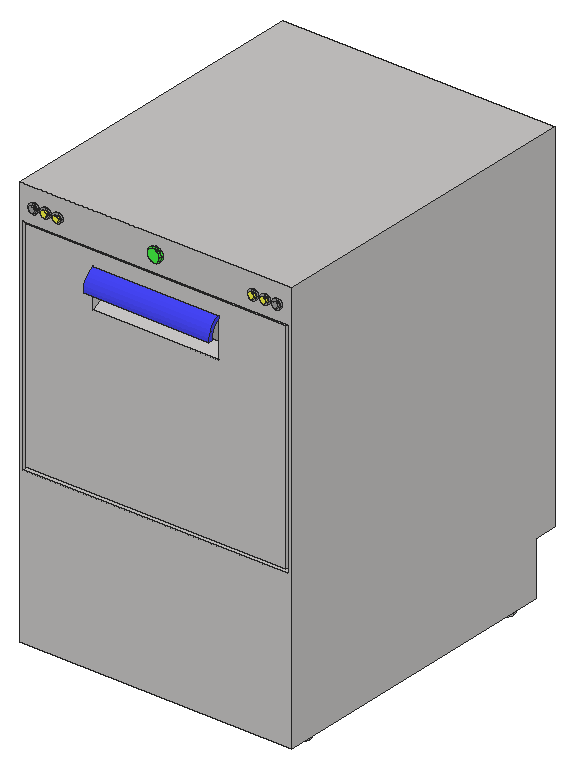
Revit family "QF_ElectroluxProfessional_402289_ESP", category Specialty Equipment, Revit 2018
Family settings
  Round Connector Dimension = Use Diameter
  Part Type = Normal
  Work Plane-Based = No
  Always vertical = Yes
  Cut with Voids When Loaded = No
  Shared = No
  Room Calculation Point = No
Parameters (values of type "Standard")
  Weight = 37.50 kg
  Watts = 0 W
  Volts = 220 V
  URL Manufacturer = "http://professional.electrolux.com"
  URL = "http://professional.electrolux.com"
  Steam Supply Size = 0 mm
  Steam Supply Minimum Pressure = 0.0 Pa
  Steam Supply Maximum Pressure = 0.0 Pa
  Steam Pounds per Hour = 0
  Show Logo [instance] = yes
  Show Clearance [instance] = yes
  Refrigeration Suction Line Size = 0 mm
  Refrigeration Liquid Line Size = 0 mm
  Refrigerant Compressor Remote = yes
  Manufacturer = "Electrolux Professional"
  Phase = 1
  Model = "ESP"
  Length Actual = 455 mm  # constant formula
  Item Number = "402289"
  Hot Water Size = 0 mm
  Height Actual = 700 mm  # constant formula
  HP = "3.6 HP"
  Gas Size = 0 mm
  Gas KW = 0
  Gas Input Pressure = 0 W
  Direct Waste Size = 29 mm
  Description = "GLASSWASHER(S), SINGLE SKIN, DRAIN PUMP, 30B/H"
  Depth Actual = 550 mm  # constant formula
  Cycle = 50 Hz
  Condensate Return Size = 0 mm
  Compressed Air Volume = 0.0 L/s
  Compressed Air Size = 0 mm
  Compressed Air Pressure = 0.0 Pa
  Cold Water Size = 19.05 mm
  Accessory = yes
Types (2, lengths in mm): name | URL | Manufacturer | Phase | Model | Description | Cold Water Size
  (no name) | "http://professional.electrolux.com/" | 0 | 0 | 0 | 0 | 0
  Standard | "http://professional.electrolux.com" | "Electrolux Professional" | 1 | "ESP" | "GLASSWASHER(S), SINGLE SKIN, DRAIN PUMP, 30B/H" | 19.05
Values of the unnamed type that differ from the named types
  Volts = 0 V
  URL Manufacturer = ""
  Item Number = ""
  Cycle = 0 Hz
Reference planes
  plane 1 "Center (Front/Back)": y = 0
  plane 2: z = 0
  plane 3 "Center (Left/Right)": x = 0
  plane 4 "LEFT": x = -227.5
  plane 5 "RIGHT": x = 227.5
  plane 6 "FRONT": y = -275
  plane 7 "BACK": y = 275
  plane 8: z = 700
  plane 9: z = 10
  plane 10: y = 236
Forms (mm)
  Extrusion 1, solid, material "QF_Finishes_Stainless Steel"
    sketch origin (0, 0, 0) x (1, 0, 0) y (0, 1, 0)
      loop
        line (-227.5, -275) -> (227.5, -275) -> (227.5, 236) -> (-227.5, 236) -> (-227.5, -275)
    from 10 to 700
  Extrusion 2, solid, material "QF_Finishes_Stainless Steel"
    sketch origin (0, 0, 0) x (1, 0, 0) y (0, 1, 0)
      loop
        line (-227.5, 236) -> (227.5, 236) -> (227.5, 275) -> (-227.5, 275) -> (-227.5, 236)
    from 100 to 700
  Extrusion 3, solid, material "QF_Finishes_Stainless Steel"
    sketch origin (0, 0, 0) x (1, 0, 0) y (0, 1, 0)
      loop
        circle (-208, 198) r 12.5
      loop
        circle (208, 198) r 12.5
      loop
        circle (-208, -228) r 12.5
      loop
        circle (208, -228) r 12.5
    from 0 to 10
  Extrusion 4, void
    sketch origin (-227.5, -275, 0) x (-1, 0, 0) y (0, 0, 1)
      loop
        line (-5, 643.217) -> (-450, 643.217) -> (-450, 270) -> (-5, 270) -> (-5, 643.217)
    from 0 to 30
  Extrusion 5, solid, material "QF_Finishes_Stainless Steel"
    sketch origin (-212, -392, 752) x (0, 0, -1) y (1, 0, 0)
      loop
        circle (693, 215.5) r 10
    from -628 to -667
  Extrusion 6, solid, material "QF_Door-Drawer Clearances", visible <- "Show Clearance", detail levels coarse
    sketch origin (-230, -282.5, 0) x (0, 1, 0) y (0, 0, -1)
      loop
        line (7.5, -275) -> (-335.5, -275)
        arc (-335.5, -275) -> (-241.325, -530.164) -> (7.5, -640) r 348.592
        line (7.5, -640) -> (7.5, -275)
    from -11.656 to -447.5
  Extrusion 7, solid, material "QF_Finishes_Stainless Steel"
    sketch origin (-432.481, -392, 722) x (0, 0, -1) y (1, 0, 0)
      loop
        circle (663, 324.981) r 8
    from -628 to -667
  Extrusion 8, solid, material "QF_Finishes_Stainless Steel"
    sketch origin (-230, -282.5, 0) x (0, 1, 0) y (0, 0, -1)
      loop
        line (7.5, -275) -> (7.5, -640) -> (32.5, -640) -> (32.5, -275) -> (7.5, -275)
    from -11.656 to -447.5
  Extrusion 9, solid, material "QF_Finishes_Stainless Steel"
    sketch origin (-268, -392, 682.5) x (0, 0, -1) y (1, 0, 0)
      loop
        circle (663, 230.5) r 8
    from -628 to -667
  Extrusion 10, solid, material "QF_Finishes_Green"
    sketch origin (-230, -275, 0) x (1, 0, 0) y (0, 0, 1)
      loop
        circle (230, 670.819) r 12
      loop
        circle (230, 670.819) r 10
    from 0 to 2.5
  Extrusion 11, void
    sketch origin (-225.452, 209.5, 42.5) x (0, 1, 0) y (0, 0, 1)
      loop
        line (-484.5, 568.217) -> (-484.5, 507.5) -> (-462.849, 520) -> (-484.5, 568.217)
    from 120.452 to 330.452
  Extrusion 12, solid, material "QF_Finishes_Blue"
    sketch origin (-227.5, 236, 0) x (0, -1, 0) y (0, 0, 1)
      loop
        line (511, 615.863) -> (511, 610.513)
        arc (511, 610.513) -> (522.966, 599.801) -> (525.861, 584.005) r 24.803
        line (525.861, 584.005) -> (530.907, 584.005)
        arc (530.907, 584.005) -> (526.605, 603.465) -> (511, 615.863) r 29.803
    from -332.5 to -122.5
  Extrusion 13, solid, material "QF_Finishes_Green"
    sketch origin (234, -275, -28.75) x (-1, 0, 0) y (0, 0, -1)
      loop
        circle (234, -699.569) r 10
    from 0 to 5
  Extrusion 14, solid, material "QF_Finishes_Gray"
    sketch origin (103.327, -275, -30.575) x (-1, 0, 0) y (0, 0, -1)
      loop
        circle (306.936, -698.972) r 5
    from 0 to 5
  Extrusion 15, solid, material "QF_Finishes_Gray"
    sketch origin (79.327, -275, -34.95) x (-1, 0, 0) y (0, 0, -1)
      loop
        circle (262.936, -703.347) r 8
      loop
        circle (262.936, -703.347) r 5
      loop
        circle (242.936, -703.347) r 8
      loop
        circle (242.936, -703.347) r 5
      loop
        circle (282.936, -703.347) r 8
      loop
        circle (282.936, -703.347) r 5
    from 0 to 2.5
  Extrusion 16, solid, material "QF_Finishes_Yellow"
    sketch origin (123.327, -275, -30.575) x (-1, 0, 0) y (0, 0, -1)
      loop
        circle (306.936, -698.972) r 5
    from 0 to 5
  Extrusion 17, solid, material "QF_Finishes_Yellow"
    sketch origin (143.327, -275, -30.575) x (-1, 0, 0) y (0, 0, -1)
      loop
        circle (306.936, -698.972) r 5
    from 0 to 5
  Extrusion 18, solid, material "QF_Finishes_Gray"
    sketch origin (-103.327, -275, -30.575) x (1, 0, 0) y (0, 0, 1)
      loop
        circle (306.936, 698.972) r 5
    from 0 to 5
  Extrusion 19, solid, material "QF_Finishes_Gray"
    sketch origin (-79.327, -275, -34.95) x (1, 0, 0) y (0, 0, 1)
      loop
        circle (262.936, 703.347) r 8
      loop
        circle (262.936, 703.347) r 5
      loop
        circle (242.936, 703.347) r 8
      loop
        circle (242.936, 703.347) r 5
      loop
        circle (282.936, 703.347) r 8
      loop
        circle (282.936, 703.347) r 5
    from 0 to 2.5
  Extrusion 20, solid, material "QF_Finishes_Yellow"
    sketch origin (-123.327, -275, -30.575) x (1, 0, 0) y (0, 0, 1)
      loop
        circle (306.936, 698.972) r 5
    from 0 to 5
  Extrusion 21, solid, material "QF_Finishes_Yellow"
    sketch origin (-143.327, -275, -30.575) x (1, 0, 0) y (0, 0, 1)
      loop
        circle (306.936, 698.972) r 5
    from 0 to 5
  Extrusion 22, solid, material "QF_Finishes_Yellow"
    sketch origin (-143.327, -275, -30.575) x (1, 0, 0) y (0, 0, 1)
      loop
        circle (306.936, 698.972) r 5
    from 0 to 5
Cuts and joins
  Extrusion 4 cuts Extrusion 1
  joined: Extrusion 1, Extrusion 2
  Extrusion 11 cuts Extrusion 8
Lines and regions (mm)
  Split face 1
    outline origin (-227.5, -275, 700) x (0, 0, -1) y (1, 0, 0)
      loop
        line (56.783, 5) -> (56.783, 0)
      loop
        line (56.783, 450) -> (56.783, 455)
      loop
        line (22.034, 455) -> (22.034, 384.297)
        arc (22.034, 384.297) -> (22.64, 381.25) -> (24.366, 378.667) r 7.962
        line (24.366, 378.667) -> (44.289, 358.744)
        arc (44.289, 358.744) -> (46.135, 355.982) -> (46.783, 352.723) r 8.515
        line (46.783, 352.723) -> (46.783, 246.977)
        arc (46.783, 246.977) -> (46.096, 245.319) -> (44.439, 244.633) r 2.344
        line (44.439, 244.633) -> (15.017, 244.633)
        arc (15.017, 244.633) -> (12.73, 243.685) -> (11.783, 241.398) r 3.234
        line (11.783, 241.398) -> (11.783, 227.133) -> (11.783, 212.867)
        arc (11.783, 212.867) -> (12.73, 210.58) -> (15.017, 209.633) r 3.234
        line (15.017, 209.633) -> (44.439, 209.633)
        arc (44.439, 209.633) -> (46.096, 208.946) -> (46.783, 207.289) r 2.344
        line (46.783, 207.289) -> (46.783, 102.277)
        arc (46.783, 102.277) -> (46.135, 99.018) -> (44.289, 96.256) r 8.515
        line (44.289, 96.256) -> (24.366, 76.333)
        arc (24.366, 76.333) -> (22.64, 73.75) -> (22.034, 70.703) r 7.962
        line (22.034, 70.703) -> (22.034, 0)
  symbolic lines
    curve 1: line (-227.5, 275, 0) -> (227.5, 275, 0)
    curve 2: line (-227.5, -275, 0) -> (-227.5, 275, 0)
    curve 3: line (227.5, -275, 0) -> (-227.5, -275, 0)
    curve 4: line (227.5, 275, 0) -> (227.5, -275, 0)
    curve 8: line (-12, -277.5, 0) -> (12, -277.5, 0)
    curve 9: line (12, -277.5, 0) -> (12, -275, 0)
    curve 10: line (-12, -277.5, 0) -> (-12, -275, 0)
    curve 11: line (-10, -280, 0) -> (10, -280, 0)
    curve 12: line (10, -280, 0) -> (10, -277.5, 0)
    curve 13: line (-10, -280, 0) -> (-10, -277.5, 0)
    curve 16: line (-211.6, -277.5, 0) -> (-211.6, -275, 0)
    curve 17: line (-195.609, -277.5, 0) -> (-195.609, -275, 0)
    curve 18: line (-208.587, -280, 0) -> (-198.596, -280, 0)
    curve 19: line (-198.596, -280, 0) -> (-198.596, -277.5, 0)
    curve 20: line (-208.587, -280, 0) -> (-208.587, -277.5, 0)
    curve 21: line (-191.596, -277.5, 0) -> (-175.596, -277.5, 0)
    curve 22: line (-175.596, -277.5, 0) -> (-175.596, -275, 0)
    curve 23: line (-191.596, -277.5, 0) -> (-191.596, -275, 0)
    curve 24: line (-188.596, -280, 0) -> (-178.596, -280, 0)
    curve 25: line (-178.596, -280, 0) -> (-178.596, -277.5, 0)
    curve 26: line (-188.596, -280, 0) -> (-188.596, -277.5, 0)
    curve 27: line (-171.596, -277.5, 0) -> (-155.596, -277.5, 0)
    curve 28: line (-155.596, -277.5, 0) -> (-155.596, -275, 0)
    curve 29: line (-171.596, -277.5, 0) -> (-171.596, -275, 0)
    curve 30: line (-168.596, -280, 0) -> (-158.596, -280, 0)
    curve 31: line (-158.596, -280, 0) -> (-158.596, -277.5, 0)
    curve 32: line (-168.596, -280, 0) -> (-168.596, -277.5, 0)
    curve 33: line (175.609, -277.5, 0) -> (191.609, -277.5, 0)
    curve 34: line (191.609, -277.5, 0) -> (191.609, -275, 0)
    curve 35: line (178.609, -280, 0) -> (188.609, -280, 0)
    curve 36: line (188.609, -280, 0) -> (188.609, -277.5, 0)
    curve 37: line (178.609, -280, 0) -> (178.609, -277.5, 0)
    curve 38: line (175.609, -277.5, 0) -> (175.609, -275, 0)
    curve 39: line (195.609, -277.5, 0) -> (211.609, -277.5, 0)
    curve 40: line (211.609, -277.5, 0) -> (211.609, -275, 0)
    curve 41: line (198.609, -280, 0) -> (208.609, -280, 0)
    curve 42: line (208.609, -280, 0) -> (208.609, -277.5, 0)
    curve 43: line (198.609, -280, 0) -> (198.609, -277.5, 0)
    curve 44: line (195.609, -277.5, 0) -> (195.609, -275, 0)
    curve 45: line (-112.5, -275, 0) -> (-112.5, -295.134, 0)
    curve 46: line (112.5, -275, 0) -> (112.5, -295.134, 0)
    curve 47: line (112.5, -295.134, 0) -> (-112.5, -295.134, 0)
    curve 48: line (155.609, -277.5, 0) -> (171.609, -277.5, 0)
    curve 49: line (171.609, -277.5, 0) -> (171.609, -275, 0)
    curve 50: line (158.609, -280, 0) -> (168.609, -280, 0)
    curve 51: line (168.609, -280, 0) -> (168.609, -277.5, 0)
    curve 52: line (158.609, -280, 0) -> (158.609, -277.5, 0)
    curve 53: line (155.609, -277.5, 0) -> (155.609, -275, 0)
  symbolic lines, style "QF_Door-Drawer Clearances"
    curve 5: line (-217.5, -618, 0) -> (217.5, -618, 0)
    curve 6: line (217.5, -618, 0) -> (217.5, -275, 0)
    curve 7: line (-217.5, -618, 0) -> (-217.5, -275, 0)
  symbolic lines, style "SpecialityEquipmentHiddenLines"
    curve 14: line (-227.5, 236, 0) -> (227.5, 236, 0)
  symbolic lines, style "SpecialityEquipment"
    curve 15: line (-211.6, -277.5, 0) -> (-195.609, -277.5, 0)
Dimensions and locks
  equal spacing: plane 4 "LEFT", plane 3 "Center (Left/Right)", plane 5 "RIGHT"
  equal spacing: plane 7 "BACK", plane 1 "Center (Front/Back)", plane 6 "FRONT"
  plane 7 "BACK" to plane 6 "FRONT" = 550 mm
  plane 4 "LEFT" to plane 5 "RIGHT" = 455 mm
  locked: plane 9 to level at 10
  plane 4 "LEFT" to plane 3 "Center (Left/Right)" = 227.5 mm
  plane 8 to level = 700 mm  (x2)
  level to Extrusion 9 sketch curve = 19.5 mm
  Extrusion 9 sketch curve to plane 4 "LEFT" = 190 mm
  level to Extrusion 5 sketch curve = 59 mm
  Extrusion 5 sketch curve to plane 4 "LEFT" = 231 mm
  Extrusion 7 sketch curve to plane 4 "LEFT" = 120 mm
  level to Extrusion 7 sketch curve = 59 mm
  Extrusion 3 to cut or joined group of Extrusion 1, Extrusion 2, Extrusion 4 = 77 mm
  Extrusion 3 to Extrusion 3 = 426 mm
  plane 6 "FRONT" to Extrusion 3 = 47 mm
  plane 1 "Center (Front/Back)" to plane 6 "FRONT" = 275 mm
  locked: plane 7 "BACK" to plane 10 at 39
  plane 6 "FRONT" to curve 5 = 343 mm
  Extrusion 8 to cut or joined group of Extrusion 1, Extrusion 2, Extrusion 4 = 370 mm
  aligned and locked: level to plane 2
  aligned and locked: Extrusion 1 sketch curve to plane 6 "FRONT"
  aligned and locked: Extrusion 1 sketch curve to plane 4 "LEFT"
  aligned and locked: plane 5 "RIGHT" to Extrusion 1 sketch curve
  aligned and locked: Extrusion 1 to plane 9
  aligned and locked: Extrusion 2 sketch curve to Extrusion 1
  aligned and locked: plane 7 "BACK" to Extrusion 2 sketch curve
  aligned and locked: plane 5 "RIGHT" to Extrusion 2 sketch curve
  aligned and locked: plane 9 to Extrusion 3
  aligned and locked: cut or joined group of Extrusion 1, Extrusion 2, Extrusion 4 to plane 10
Automatic sketch dimensions
  curve 1 to plane 4 "LEFT" = 0 mm
  curve 7 to plane 6 "FRONT" = 0 mm
  curve 4 to plane 5 "RIGHT" = 0 mm
  curve 14 to plane 10 = 0 mm
  curve 2 to plane 7 "BACK" = 0 mm
  plane 4 "LEFT" to curve 5 = 10 mm
  curve 15 to plane 6 "FRONT" = 2.5 mm
  curve 7 to curve 15 = 5.9 mm
  curve 15 to curve 20 = 3.013 mm
  curve 18 to curve 19 = 9.991 mm
  curve 19 to curve 17 = 2.987 mm
  curve 15 to curve 23 = 4.013 mm
  curve 21 to curve 24 = 3 mm
  curve 25 to plane 6 "FRONT" = 5 mm
  curve 24 to curve 25 = 10 mm
  curve 25 to curve 22 = 3 mm
  curve 21 to curve 27 = 4 mm
  curve 27 to curve 30 = 3 mm
  curve 31 to plane 6 "FRONT" = 5 mm
  curve 30 to curve 31 = 10 mm
  curve 31 to curve 27 = 3 mm
  curve 45 to plane 6 "FRONT" = 20.134 mm
  curve 27 to curve 45 = 43.096 mm
  curve 8 to plane 6 "FRONT" = 2.5 mm
  curve 8 to plane 3 "Center (Left/Right)" = 12 mm
  curve 8 to curve 11 = 2 mm
  plane 3 "Center (Left/Right)" to curve 11 = 10 mm
  curve 12 to curve 8 = 2 mm
  curve 8 to curve 47 = 100.5 mm
  curve 53 to plane 6 "FRONT" = 2.5 mm
  curve 46 to curve 53 = 43.109 mm
  curve 48 to curve 52 = 3 mm
  curve 51 to plane 6 "FRONT" = 5 mm
  curve 50 to curve 51 = 10 mm
  curve 51 to curve 48 = 3 mm
  curve 48 to curve 38 = 4 mm
  curve 33 to curve 37 = 3 mm
  curve 35 to plane 6 "FRONT" = 5 mm
  curve 35 to curve 35 = 10 mm
  curve 36 to curve 34 = 3 mm
  curve 33 to curve 44 = 4 mm
  curve 39 to curve 41 = 3 mm
  curve 41 to plane 6 "FRONT" = 5 mm
  curve 41 to curve 41 = 10 mm
  curve 42 to curve 40 = 3 mm
  curve 6 to plane 5 "RIGHT" = 10 mm
  curve 11 to curve 13 = 2.5 mm
  curve 20 to curve 20 = 2.5 mm
  curve 21 to plane 6 "FRONT" = 2.5 mm
  curve 27 to plane 6 "FRONT" = 2.5 mm
  curve 44 to plane 6 "FRONT" = 2.5 mm
  curve 33 to plane 6 "FRONT" = 2.5 mm
  Extrusion 1 sketch curve to plane 10 = 0 mm
  Extrusion 2 sketch curve to plane 10 = 0 mm
  plane 4 "LEFT" to Extrusion 3 sketch curve = 19.5 mm  (x2)
  Extrusion 3 sketch curve to plane 5 "RIGHT" = 19.5 mm  (x2)
  plane 6 "FRONT" to Extrusion 3 sketch curve = 47 mm  (x2)
  Extrusion 3 sketch curve to plane 10 = 38 mm  (x2)
  Extrusion 4 sketch curve to Extrusion 1 = 5 mm  (x2)
  Extrusion 4 sketch curve to Extrusion 1 = 260 mm
  Extrusion 4 sketch curve to Extrusion 1 = 56.783 mm
  Extrusion 6 sketch curve to plane 6 "FRONT" = 0 mm
  Extrusion 6 sketch curve to plane 6 "FRONT" = 343 mm
  plane 6 "FRONT" to Extrusion 6 sketch curve = 5.204 mm
  Extrusion 6 sketch curve to plane 8 = 60 mm
  level to Extrusion 6 sketch curve = 291.447 mm
  Extrusion 8 sketch curve to plane 6 "FRONT" = 0 mm
  Extrusion 8 sketch curve to Extrusion 8 sketch curve = 25 mm
  Extrusion 8 sketch curve to plane 8 = 60 mm
  plane 9 to Extrusion 8 sketch curve = 265 mm
  Extrusion 10 sketch curve to Extrusion 10 sketch curve = 0 mm  (x2)
  Extrusion 1 to Extrusion 10 sketch curve = 29.181 mm
  Extrusion 1 to Extrusion 10 sketch curve = 227.5 mm
  Extrusion 11 sketch curve to plane 6 "FRONT" = 0 mm
  plane 6 "FRONT" to Extrusion 11 sketch curve = 21.651 mm
  Extrusion 11 sketch curve to plane 8 = 150 mm
  Extrusion 11 sketch curve to Extrusion 11 sketch curve = 12.5 mm
  Extrusion 11 sketch curve to Extrusion 11 sketch curve = 48.217 mm
  Extrusion 12 sketch curve to Extrusion 12 sketch curve = 0 mm  (x2)
  Extrusion 12 sketch curve to Extrusion 1 = 0 mm
  Extrusion 12 sketch curve to Extrusion 1 = 9.669 mm
  Extrusion 1 to Extrusion 12 sketch curve = 14.861 mm
  Extrusion 12 sketch curve to Extrusion 12 sketch curve = 5.046 mm
  Extrusion 1 to Extrusion 12 sketch curve = 115.995 mm
  Extrusion 12 sketch curve to Extrusion 12 sketch curve = 3.668 mm
  cut or joined group of Extrusion 1, Extrusion 2, Extrusion 4 to Split face 1 sketch curve = 0 mm  (x2)
  Split face 1 sketch curve to cut or joined group of Extrusion 1, Extrusion 2, Extrusion 4 = 0 mm  (x6)
  cut or joined group of Extrusion 1, Extrusion 2, Extrusion 4 to Split face 1 sketch curve = 10 mm  (x2)
  Split face 1 sketch curve to Split face 1 sketch curve = 2.344 mm  (x2)
  Split face 1 sketch curve to Split face 1 sketch curve = 2.494 mm  (x2)
  Split face 1 sketch curve to Split face 1 sketch curve = 8.515 mm  (x2)
  cut or joined group of Extrusion 1, Extrusion 2, Extrusion 4 to Split face 1 sketch curve = 26.786 mm  (x2)
  Split face 1 sketch curve to Split face 1 sketch curve = 5.63 mm  (x2)
  Split face 1 sketch curve to Split face 1 sketch curve = 2.332 mm  (x2)
  Split face 1 sketch curve to cut or joined group of Extrusion 1, Extrusion 2, Extrusion 4 = 15.017 mm  (x2)
  Split face 1 sketch curve to cut or joined group of Extrusion 1, Extrusion 2, Extrusion 4 = 11.783 mm
  Split face 1 sketch curve to cut or joined group of Extrusion 1, Extrusion 2, Extrusion 4 = 65.703 mm
  Split face 1 sketch curve to Split face 1 sketch curve = 19.923 mm  (x2)
  Split face 1 sketch curve to Split face 1 sketch curve = 105.012 mm
  Split face 1 sketch curve to Split face 1 sketch curve = 14.266 mm  (x2)
  Split face 1 sketch curve to cut or joined group of Extrusion 1, Extrusion 2, Extrusion 4 = 97.277 mm
  Extrusion 13 sketch curve to Extrusion 13 sketch curve = 0 mm  (x2)
  Extrusion 13 sketch curve to plane 3 "Center (Left/Right)" = 0 mm
  Extrusion 13 sketch curve to plane 8 = 29.181 mm
  plane 3 "Center (Left/Right)" to Extrusion 13 sketch curve = 10 mm
  Extrusion 14 sketch curve to Extrusion 14 sketch curve = 0 mm  (x2)
  plane 4 "LEFT" to Extrusion 14 sketch curve = 23.891 mm
  Extrusion 14 sketch curve to plane 8 = 31.603 mm
  Extrusion 14 sketch curve to Extrusion 14 sketch curve = 5 mm
  Extrusion 15 sketch curve to Extrusion 15 sketch curve = 0 mm  (x8)
  Extrusion 15 sketch curve to plane 8 = 31.603 mm
  plane 4 "LEFT" to Extrusion 15 sketch curve = 63.891 mm
  Extrusion 15 sketch curve to Extrusion 15 sketch curve = 20 mm  (x2)
  Extrusion 16 sketch curve to Extrusion 16 sketch curve = 0 mm  (x2)
  plane 4 "LEFT" to Extrusion 16 sketch curve = 43.891 mm
  Extrusion 16 sketch curve to plane 8 = 31.603 mm
  Extrusion 16 sketch curve to Extrusion 16 sketch curve = 5 mm
  Extrusion 17 sketch curve to Extrusion 17 sketch curve = 0 mm  (x2)
  Extrusion 17 sketch curve to plane 8 = 31.603 mm
  plane 4 "LEFT" to Extrusion 17 sketch curve = 63.891 mm
  Extrusion 17 sketch curve to Extrusion 17 sketch curve = 5 mm
  Extrusion 18 sketch curve to Extrusion 18 sketch curve = 0 mm  (x2)
  Extrusion 18 sketch curve to plane 5 "RIGHT" = 23.891 mm
  Extrusion 18 sketch curve to plane 8 = 31.603 mm
  Extrusion 18 sketch curve to Extrusion 18 sketch curve = 5 mm
  Extrusion 19 sketch curve to Extrusion 19 sketch curve = 0 mm  (x8)
  Extrusion 19 sketch curve to plane 8 = 31.603 mm
  Extrusion 19 sketch curve to plane 5 "RIGHT" = 63.891 mm
  Extrusion 19 sketch curve to Extrusion 19 sketch curve = 20 mm  (x2)
  Extrusion 20 sketch curve to Extrusion 20 sketch curve = 0 mm  (x2)
  Extrusion 20 sketch curve to plane 5 "RIGHT" = 43.891 mm
  Extrusion 20 sketch curve to plane 8 = 31.603 mm
  Extrusion 20 sketch curve to Extrusion 20 sketch curve = 5 mm
  Extrusion 21 sketch curve to Extrusion 21 sketch curve = 0 mm  (x2)
  Extrusion 21 sketch curve to plane 8 = 31.603 mm
  Extrusion 21 sketch curve to plane 5 "RIGHT" = 63.891 mm
  Extrusion 21 sketch curve to Extrusion 21 sketch curve = 5 mm
  Extrusion 22 sketch curve to Extrusion 22 sketch curve = 0 mm  (x2)
  Extrusion 22 sketch curve to plane 8 = 31.603 mm
  Extrusion 22 sketch curve to plane 5 "RIGHT" = 63.891 mm
  Extrusion 22 sketch curve to Extrusion 22 sketch curve = 5 mm
  radius of Extrusion 3 sketch curve = 12.5 mm  (x4)
  radius of Extrusion 5 sketch curve = 10 mm
  radius of Extrusion 7 sketch curve = 8 mm
  radius of Extrusion 9 sketch curve = 8 mm
  radius of Extrusion 10 sketch curve = 12 mm
  radius of Extrusion 10 sketch curve = 10 mm
  radius of Extrusion 15 sketch curve = 8 mm  (x3)
  radius of Extrusion 15 sketch curve = 5 mm  (x3)
  radius of Extrusion 19 sketch curve = 8 mm  (x3)
  radius of Extrusion 19 sketch curve = 5 mm  (x3)
Connectors
  piping at (3.5, 275, 59), diameter 20
    settings: on Extrusion 5, index 1, connector inside diameter 609.6 mm, connector length 0 mm, flow factor 0, pipe flow 0.0 L/s, pressure drop 0.0 Pa, fitting loss kfactor 0, connector angle 0.00°, fixture units 0, engagement length 0 mm, angle of deflection 0.00°, flow configuration 1, flow direction 1, fitting loss method 0, system type 16, joint type 0, gender type 0, connector reference index -1, connector utility 0, adjustable connector no, is connector primary yes, connector description "Drain"
  piping at (-107.5, 275, 59), diameter 19.05, driven by "Cold Water Size"
    settings: on Extrusion 7, index 3, connector inside diameter 609.6 mm, connector length 0 mm, flow factor 0, pipe flow 0.0 L/s, pressure drop 0.0 Pa, fitting loss kfactor 0, connector angle 0.00°, fixture units 0, engagement length 0 mm, angle of deflection 0.00°, flow configuration 1, flow direction 1, fitting loss method 0, system type 20, joint type 0, gender type 0, connector reference index -1, connector utility 0, adjustable connector no, is connector primary no, connector description "Cold Water Inlet"
  electrical at (-37.5, 275, 19.5), driven by "Volts"
    settings: on Extrusion 9, index 4, voltage 220 V, apparent load 0 VA, apparent load phase1 0 VA, apparent load phase2 0 VA, apparent load phase3 0 VA, power factor 1, load classification "Altro", number of poles 1, system type 31, power factor state 1, is connector primary yes, connector utility no, sub classification motor no, connector description "Electrical Connection"
